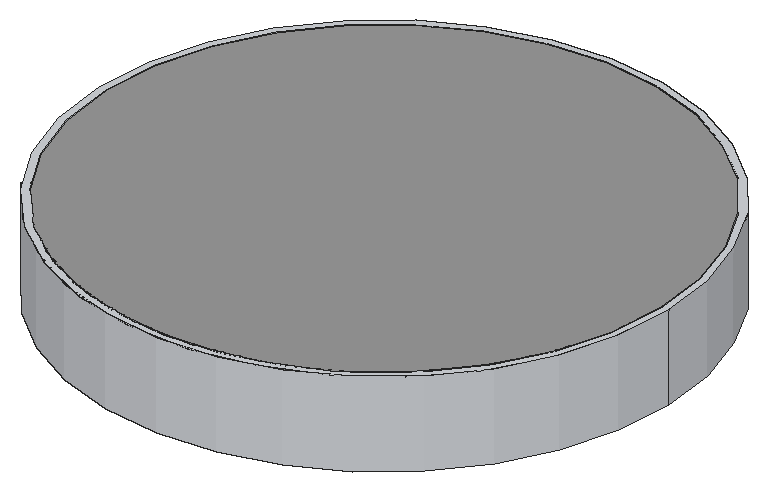
Revit family "2071144", category Lighting Fixtures, host Face, Revit 2018
Family settings
  Host = Face
  Round Connector Dimension = Use Diameter
  Part Type = Normal
  OmniClass Number = 23.80.70.00
  OmniClass Title = Lighting
  Cut with Voids When Loaded = No
  Light Source = Yes
  Shared = No
  Room Calculation Point = No
Parameters (values of type "2071144 COLOSSAL 400 840 OP DIR+H WHT DALI EM")
  iner diameter = 390 mm
  Weight = "n/a"
  Wattage Comments = ""
  Wattage = 30 W
  WarrantyStartDate [instance] = "n/a"
  WarrantyGuarantorParts = "n/a"
  WarrantyDurationUnit = "n/a"
  WarrantyDurationParts = ""
  WarrantyDescription = "http://www.sylvania-lighting.com"
  built-in parameter 1150110 = 1 (stored number, unit not read)
  Voltage = 230 V
  URL = "0.95"
  TypeName = "COLOSSAL 400mm 840 OPAL DIR+HAL WHITE DALI EM"
  Type Image = <None>
  Type Comments = "n/a"
  built-in parameter 1114217 = 1 (stored number, unit not read)
  Tilt Angle = -90.00°
  built-in parameter 1150109 = 1 (stored number, unit not read)
  built-in parameter 1150134 = (empty or 0)
  built-in parameter 1150113 = 1 (stored number, unit not read)
  SerialNumber [instance] = "n/a"
  Photometric Web File = "2071144.ies"
  Material_3_SYL = LED-Sylvania
  PowerFactor = 0
  PowerConsumption = "Lighting"
  NominalLength = 400 mm
  NominalHeight = 93 mm
  NominalDepth = 400 mm
  Name = "COLOSSAL 400mm 840 OPAL DIR+HAL WHITE DALI EM"
  ModelReference = Name  # "COLOSSAL 400mm 840 OPAL DIR+HAL WHITE DALI EM"
  ModelNumber = "2071144"
  Model = Name  # "COLOSSAL 400mm 840 OPAL DIR+HAL WHITE DALI EM"
  Material = "Feilo Sylvania"
  ManufacturerName = "126 lm/W"
  Manufacturer = ""
  LuminousEfficacy = ""
  built-in parameter 1150105 = 270.44 (stored number, unit not read)
  Lumens = 3398.4 lm
  LuminaireType = "0"
  built-in parameter 1150115 = 1 (stored number, unit not read)
  LightOutputRatio = "LED"
  built-in parameter 1150137 = (empty or 0)
  built-in parameter 1150139 = (empty or 0)
  LampsType = Lamp  # "n/a"
  LampNominalLuminous = "4000 K"
  LampMacAdamStep = "80"
  LampColourTemperature = "LED"
  LampColourRenderingIndex = "16500"
  built-in parameter 1150112 = 1 (stored number, unit not read)
  built-in parameter 1150114 = 1 (stored number, unit not read)
  Lamp = "n/a"
  Keynote = "n/a"
  InstallationDate [instance] = "n/a"
  InputVoltage = "0"
  InputNominalFrequency = "4000"
  built-in parameter 1150132 = (empty or 0)
  built-in parameter 1150102 = (empty or 0)
  built-in parameter 1150107 = 3000 (stored number, unit not read)
  built-in parameter 1150138 = (empty or 0)
  IngressProtection = "IfcLightFixtureType"
  ImpactProtectionIndex = "IfcLightFixtureType"
  built-in parameter 1150106 = 2.7044 (stored number, unit not read)
  IfcExportType = "IfcLightFixtureType"
  IfcExportAs = "Class I"
  Emit from Circle Diameter = 385 mm
  Emit Shape Visible in Rendering = no
  ElectricShockClassification = "126"
  built-in parameter 1150104 = 10.524 (stored number, unit not read)
  DocumentationLiterature = "http://www.sylvania-lighting.com/product/en-int/products/2071144"
  DimmingControlOptions = "n/a"
  Material_2_SYL = Polycarbonate_Sylvania_White
  Dimming Lamp Color Temperature Shift = <None>
  Description = "400mm diameter circular architectural luminaire, can be surface mounted or suspended. Powder coated aluminium housing (RAL9016) with polycarbonate opal diffuser. Direct/indirect (halo) light distribution, 2680lm luminuous flux, 21.2W system power, 126lm/W luminiaire efficacy. DALI dimmable. 3 hours integrated emergency. Colour rendering index Ra >80, 4000K Neutral White LED, chromaticity tolerance of 3-step MacAdam ellipse. IP40, IK03. 450mA drive current. Electrical protection Class1, 220-240V. Reported lifetime 66k hours L90B10."
  Default Elevation = 1219.2 mm
  CreatedOn = "22/03/2022"
  CreatedBy = "@sylvania-lighting.com"
  Cost = 0
  Color Filter = 16777215
  built-in parameter 1114216 [instance] = (empty or 0)
  ClassificationValue = "EF_70_80"
  ClassificationName = "Uniclass2015"
  Material_1_SYL = Polycarbonate_Sylvania_Opal
  BarCode [instance] = "n/a"
  built-in parameter 1114218 = 1 (stored number, unit not read)
  built-in parameter 1150133 = 10 (stored number, unit not read)
  AssetType = "Fixed"
  AssetIdentifier [instance] = "n/a"
  Assembly Code = "D5020200"
  Apparent Load = 21.2 VA
  Material_4_SYL = none
Reference planes
  plane 1 "Center (Front/Back)": y = 0
  plane 2: z = 0
  plane 3 "Center (Left/Right)": x = 0
  plane 4: x = -200
  plane 5: x = 200
  plane 6: y = 200
  plane 7: y = -200
  plane 8: y = 236
  plane 9: y = -236
  plane 10: z = 93
  plane 11: y = 195
  plane 12: y = -195
  plane 13: y = 90.5
  plane 14: y = 144.5
  plane 15: through (52.25, 90.5, 1219.2) normal (0.866, 0.5, 0)
  plane 16: through (52.25, 90.5, 1219.2) normal (0.866, 0.5, 0)
  plane 17: through (63.706, 126.657, 1219.2) normal (0.866, 0.5, 0)
  plane 18: through (-104.5, 0, 1219.2) normal (-0.866, 0.5, 0)
  plane 19: through (-142.394, -9.633, 1219.2) normal (-0.866, 0.5, 0)
  plane 20: y = -90.5
  plane 21: y = -118.5
  plane 22: through (85.371, -141.133, 1219.2) normal (-0.866, 0.5, 0)
  plane 23: through (52.25, -90.5, 1219.2) normal (-0.866, 0.5, 0)
  plane 24: through (-161.658, 0, 1219.2) normal (0.866, 0.5, 0)
  plane 25: through (-172.12, 9.121, 1219.2) normal (0.866, 0.5, 0)
  plane 26: through (-104.5, 0, 1219.2) normal (0.866, 0.5, 0)
Forms (mm)
  Extrusion 1, solid, detail levels medium+fine
    sketch origin (0, 0, 0) x (1, 0, 0) y (0, 1, 0)
      loop
        circle (0, 0) r 200
    from 33.023 to 93
  Extrusion 2, void
    sketch origin (0, 0, 0) x (1, 0, 0) y (0, 1, 0)
      loop
        circle (0, 0) r 195
    from 93 to 37.292
  Extrusion 3, solid, material "Glass, White, High Luminance", detail levels fine
    sketch origin (0, 0, 0) x (1, 0, 0) y (0, 1, 0)
      loop
        circle (0, 0) r 195
    from 88.026 to 93
  Extrusion 4, solid, detail levels coarse
    sketch origin (0, 0, 0) x (1, 0, 0) y (0, 1, 0)
      loop
        line (-200, 200) -> (-200, -200) -> (200, -200) -> (200, 200) -> (-200, 200)
    from 0 to 93
  Blend 5, solid, detail levels medium+fine
    base sketch origin (0, 0, 0) x (1, 0, 0) y (0, 1, 0)
      loop
        line (-52.25, 90.5) -> (-104.5, 0) -> (-52.25, -90.5) -> (52.25, -90.5) -> (104.5, 0) -> (52.25, 90.5) -> (-52.25, 90.5)
    top sketch origin (0, 0, 0) x (1, 0, 0) y (0, 1, 0)
      loop
        line (-53.405, 144.5) -> (-149.245, -21.5) -> (-93.242, -118.5) -> (98.438, -118.5) -> (151.843, -26) -> (53.405, 144.5) -> (-53.405, 144.5)
    from 0 to 33.023
Cuts and joins
  Extrusion 2 cuts Extrusion 1
Dimensions and locks
  "NominalDepth": plane 6 to plane 7
  "NominalLength": plane 4 to plane 5
  equal spacing: plane 4, plane 3 "Center (Left/Right)", plane 5
  "iner diameter": plane 11 to plane 12
  equal spacing: plane 11, plane 1 "Center (Front/Back)", plane 12
  equal spacing: plane 6, plane 1 "Center (Front/Back)", plane 7
  "NominalHeight": plane 10 to level
  plane 19 to plane 18 = 28 mm
  radius of Extrusion 2 sketch curve = 195 mm
  aligned and locked: plane 2 to host face
  aligned and locked: level to host face
Automatic sketch dimensions
  host sketch curve to host sketch curve = 2438.4 mm  (x2)
  plane 1 "Center (Front/Back)" to Extrusion 1 sketch curve = 0 mm
  Extrusion 1 sketch curve to plane 3 "Center (Left/Right)" = 0 mm
  plane 1 "Center (Front/Back)" to Extrusion 2 sketch curve = 0 mm
  Extrusion 2 sketch curve to plane 3 "Center (Left/Right)" = 0 mm
  plane 1 "Center (Front/Back)" to Extrusion 3 sketch curve = 0 mm
  Extrusion 3 sketch curve to plane 3 "Center (Left/Right)" = 0 mm
  Extrusion 4 sketch curve to plane 4 = 0 mm
  Extrusion 4 sketch curve to plane 5 = 0 mm
  Extrusion 4 sketch curve to plane 7 = 0 mm
  Extrusion 4 sketch curve to plane 6 = 0 mm
  Blend 5 sketch curve to plane 19 = 0 mm  (x2)
  Blend 5 sketch curve to plane 24 = 0 mm  (x2)
  Blend 5 sketch curve to plane 21 = 0 mm
  Blend 5 sketch curve to plane 14 = 0 mm
  Blend 5 sketch curve to plane 17 = 0 mm  (x2)
  Blend 5 sketch curve to plane 22 = 0 mm  (x2)
  radius of Extrusion 1 sketch curve = 200 mm
  radius of Extrusion 3 sketch curve = 195 mm
Connectors
  electrical at (0, 0, 0), driven by "Apparent Load", driven by "PowerFactor", driven by "Voltage"
    settings: index 1, voltage 230 V, apparent load 21.2 VA, apparent load phase1 0 VA, apparent load phase2 0 VA, apparent load phase3 0 VA, power factor 0, load classification "Lighting", number of poles 1, system type 30, power factor state 1, is connector primary yes, connector utility no, sub classification motor no, connector description ""
